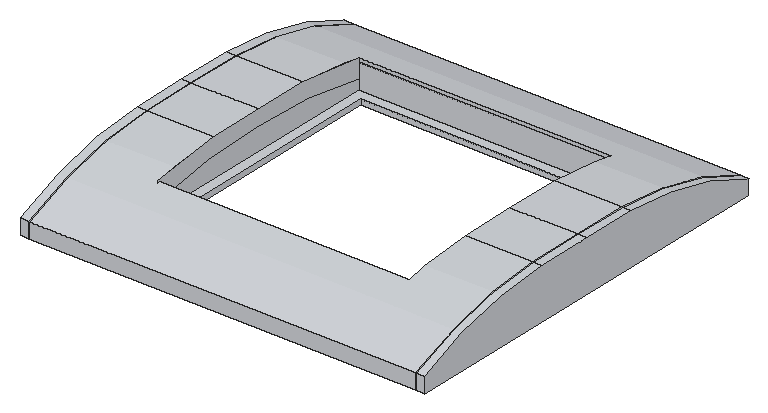
Revit family "Gira_1002726", category Electrical Fixtures, host Face, Revit 2017
Family settings
  Host = Face
  Maintain Annotation Orientation = No
  Round Connector Dimension = Use Diameter
  Part Type = Normal
  Cut with Voids When Loaded = No
  Shared = No
  Room Calculation Point = No
Parameters (values of type "Abdeckrahmen 2f o.M. Zwischenr. F Alu Gira Event Klar Weiß")
  Werkstoffgüte = "Thermoplast"
  Werkstoff = "Kunststoff"
  URL = "http://katalog.gira.de/de_DE/datenblatt.html?artikelnr=1002726"
  Transparent = "No"
  Textfeld/Beschriftungsfläche = "No"
  Schutzart (IP) = "IP20"
  Region = "DE"
  Oberfläche = "sonstige"
  Name = "Abdeckrahmen 2f o.M. Zwischenr. F Alu Gira Event Klar Weiß"
  Montagerichtung = "horizontal und vertikal"
  Mit Montagerahmen = "No"
  Mit Klappdeckel = "No"
  Manufacturer URL = "https://www.gira.de/"
  Keynote = "Event_Rahmen_2fach o.Mittelsteg"
  HeinzeBIM = "https://bimportal.heinze.de/bim/abdeckrahmen-2f-o-m-zwischenr-f-alu-gira-event-klar-weiss/74babab3b5d093152b1b127f7904b50dc6c741d2"
  Halogenfrei = "Yes"
  HAN = "1002726"
  Geeignet für Unterputz-Installation = "Yes"
  Geeignet für Unterflurkanaldose = "No"
  Geeignet für Geräteeinbaukanal = "No"
  Geeignet für Einbauinstallation = "No"
  GTIN = "4010337070191"
  Farbe = "weiß"
  Default Elevation = 1219.2 mm
  Data sheet (1) = "https://katalog.gira.de/de_DE/download.html?artikelnr=1002726"
  Category = "Abdeckrahmen"
  Befestigungsart = "Klemmbefestigung"
  Available = "Yes"
  Anzahl der Einheiten vertikal = "2 "
  Anzahl der Einheiten horizontal = "2 "
  Anzahl der Einheiten = "2 "
Reference planes
  plane 1 "Center (Front/Back)": y = 0
  plane 2: z = 0
  plane 3 "Center (Left/Right)": x = 0
Forms (mm)
  Extrusion 1, solid, detail levels fine
    sketch origin (0, 0, 1.55) x (0, 1, 0) y (0, 0, 1)
      loop
        arc (12.445, 9.683) -> (6.223, 9.833) -> (0, 9.85) r 291.636
        arc (0, 9.85) -> (-6.223, 9.833) -> (-12.445, 9.683) r 291.636
        arc (-12.445, 9.683) -> (-29.14, 7.482) -> (-45, 1.823) r 79.728
        line (-45, 1.823) -> (-45, -1.55) -> (-41.777, -1.55) -> (-41.777, -0.55)
        arc (-41.777, -0.55) -> (-21.205, 4.846) -> (0, 6.467) r 118.15
        arc (0, 6.467) -> (21.205, 4.846) -> (41.777, -0.55) r 118.15
        line (41.777, -0.55) -> (41.777, -1.55) -> (45, -1.55) -> (45, 1.823)
        arc (45, 1.823) -> (29.14, 7.482) -> (12.445, 9.683) r 79.728
    from -43 to 43
  Extrusion 2, void, detail levels fine
    sketch origin (0, 0, 0) x (1, 0, 0) y (0, 1, 0)
      loop
        line (-28, -28) -> (28, -28) -> (28, 28) -> (-28, 28) -> (-28, -28)
    from 2.85 to 12
  Extrusion 3, solid, detail levels coarse
    sketch origin (0, 0, 0) x (1, 0, 0) y (0, 1, 0)
      loop
        line (-45, 45) -> (-45, -45) -> (45, -45) -> (45, 45) -> (-45, 45)
    from 0 to 11.4
  Extrusion 4, solid, detail levels medium
    sketch origin (0, 0, 1.55) x (0, 1, 0) y (0, 0, 1)
      loop
        arc (12.445, 9.683) -> (6.223, 9.833) -> (0, 9.85) r 291.636
        arc (0, 9.85) -> (-6.223, 9.833) -> (-12.445, 9.683) r 291.636
        arc (-12.445, 9.683) -> (-29.14, 7.482) -> (-45, 1.823) r 79.728
        line (-45, 1.823) -> (-45, -1.55) -> (45, -1.55) -> (45, 1.823)
        arc (45, 1.823) -> (29.14, 7.482) -> (12.445, 9.683) r 79.728
    from -45 to 45
  Extrusion 5, solid, detail levels fine
    sketch origin (0, 0, 0) x (0, 1, 0) y (0, 0, 1)
      loop
        arc (45, 3.373) -> (29.14, 9.032) -> (12.445, 11.233) r 79.728
        arc (12.445, 11.233) -> (6.223, 11.383) -> (0, 11.4) r 291.636
        arc (0, 11.4) -> (-6.223, 11.383) -> (-12.445, 11.233) r 291.636
        arc (-12.445, 11.233) -> (-29.14, 9.032) -> (-45, 3.373) r 79.728
        line (-45, 3.373) -> (-45, 0) -> (45, 0) -> (45, 3.373)
    from 43 to 45
  Extrusion 6, solid, detail levels fine
    sketch origin (0, 0, 0) x (0, 1, 0) y (0, 0, -1)
      loop
        line (45, -3.373) -> (45, 0) -> (-45, 0) -> (-45, -3.373)
        arc (-45, -3.373) -> (-29.14, -9.032) -> (-12.445, -11.233) r 79.728
        arc (-12.445, -11.233) -> (-6.223, -11.383) -> (0, -11.4) r 291.636
        arc (0, -11.4) -> (6.223, -11.383) -> (12.445, -11.233) r 291.636
        arc (12.445, -11.233) -> (29.14, -9.032) -> (45, -3.373) r 79.728
    from 43 to 45
  Extrusion 7, solid, detail levels fine
    sketch origin (0, 0, 0) x (1, 0, 0) y (0, 1, 0)
      loop
        line (-25.7, 25.7) -> (-25.7, -25.7) -> (25.7, -25.7) -> (25.7, 25.7) -> (-25.7, 25.7)
      loop
        line (-29.495, 27.895) -> (-29.495, -27.895)
        spline (-29.495, -27.895) -> (-29.486, -28.025) -> (-29.461, -28.154) -> (-29.419, -28.278) -> (-29.361, -28.395) -> (-29.288, -28.504) -> (-29.202, -28.602) -> (-29.104, -28.688) -> (-28.995, -28.761) -> (-28.878, -28.819) -> (-28.754, -28.861) -> (-28.625, -28.886) -> (-28.495, -28.895)
        line (-28.495, -28.895) -> (28.495, -28.895)
        spline (28.495, -28.895) -> (28.625, -28.886) -> (28.754, -28.861) -> (28.878, -28.819) -> (28.995, -28.761) -> (29.104, -28.688) -> (29.202, -28.602) -> (29.288, -28.504) -> (29.361, -28.395) -> (29.419, -28.278) -> (29.461, -28.154) -> (29.486, -28.025) -> (29.495, -27.895)
        line (29.495, -27.895) -> (29.495, 27.895)
        spline (29.495, 27.895) -> (29.486, 28.025) -> (29.461, 28.154) -> (29.419, 28.278) -> (29.361, 28.395) -> (29.288, 28.504) -> (29.202, 28.602) -> (29.104, 28.688) -> (28.995, 28.761) -> (28.878, 28.819) -> (28.754, 28.861) -> (28.625, 28.886) -> (28.495, 28.895)
        line (28.495, 28.895) -> (-28.495, 28.895)
        spline (-28.495, 28.895) -> (-28.625, 28.886) -> (-28.754, 28.861) -> (-28.878, 28.819) -> (-28.995, 28.761) -> (-29.104, 28.688) -> (-29.202, 28.602) -> (-29.288, 28.504) -> (-29.361, 28.395) -> (-29.419, 28.278) -> (-29.461, 28.154) -> (-29.486, 28.025) -> (-29.495, 27.895)
    from 1.673 to 8.5
Cuts and joins
  Extrusion 2 cuts Extrusion 1
  Extrusion 2 cuts Extrusion 7
Dimensions and locks
  aligned and locked: plane 2 to host face
  aligned and locked: level to host face
